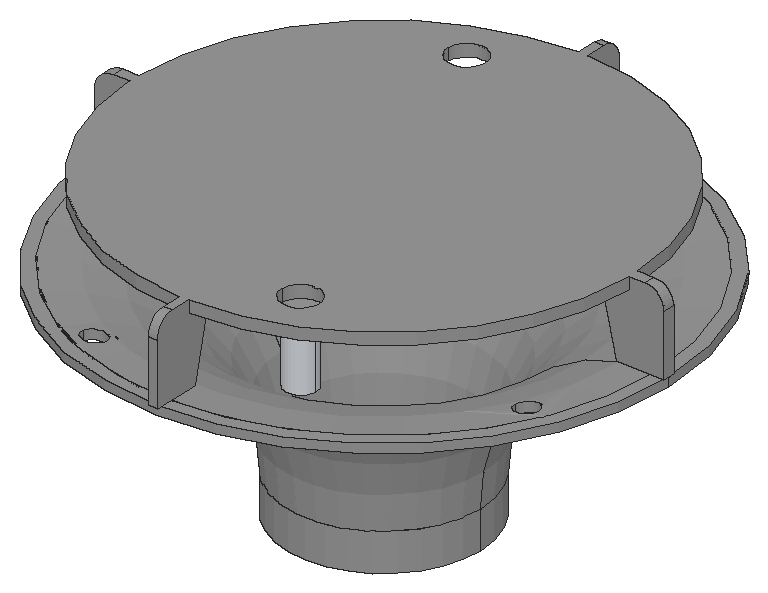
Revit family "MH-205-G", category Plumbing Fixtures, Revit 2015
Parameters (values of type "MH-305-G")
  r2 = (12.59843" - 11.14173") / 2  # 0.72835"
  od3 = 0.19497"
  od2 = od1 - 0.07874"  # 0.31496"
  od1 = 0.3937"
  linearW = 2.12598"
  linearL = 0.98425"
  id3 = od3 / 2  # 0.09748"
  id1 = od1 / 2  # 0.19685"
  ff2 = 3"
  V6 = no
  V5 = yes
  V4 = no
  V3 = no
  V2 = no
  V1 = no
  URL = "www.mifab.com"
  SC2 = SC1 / 1.5  # 0.11087"
  SC1 = 0.1663"
  RP2 = id1  # 0.19685"
  Model = "MH-305-G"
  Manufacturer = "MIFAB\r\n\r\nMIFAB\r\nMIFAB"
  II2 = HH2 / 1.25  # 0.2"
  II1 = HH2 / 1.5  # 0.16667"
  HH2 = 1/4"
  HH1 = 2 1/2"
  G2 = 5/32"
  G1 = EE / 1.25  # 2.99063"
  FF = 0"
  EE3 = 57/64"
  EE2 = 3.27"
  EE1 = 2 233/256"
  EE = 3 189/256"
  Description = "3\" HydroMax Siphonic Gutter Drain"
  Default Elevation = 48"
  Connector Dia = 2 1/2"
  C'1 = C' + 0.41339"  # 4.05512"
  C' = C / 2  # 3.64173"
  RP1 = od2 / 2  # 0.15748"
  R1 = 1.9685" / 9.375  # 0.20997"
  PIPE SIZE' = PIPE SIZE / 2  # 1.47638"
  PIPE SIZE = 2.95276"
  Material [instance] = Stainless Steel AISI 304
  D = 3.11024"
  C = 7.28346"
  B01 = B' - od1  # 5.49213"
  B' = B / 2  # 5.88583"
  B = 11.77165"
  A' = A / 2  # 6.49606"
  A = 12.99213"
Types (3): name | ff2 | Model | II2 | II1 | HH2 | HH1 | G2 | G1 | FF | EE3 | EE2 | EE1 | EE | Description | Connector Dia | D
  (no name) | 3" | "MH-305-G" | 0.2" | 0.16667" | 1/4" | 2 1/2" | 5/32" | 2.99063" | 0" | 57/64" | 3.27" | 2 233/256" | 3 189/256" | "3\" HydroMax Siphonic Gutter Drain" | 2 1/2" | 3.11024"
  MH-305-G | 3" | "MH-305-G" | 0.2" | 0.16667" | 1/4" | 2 1/2" | 5/32" | 2.99063" | 0" | 57/64" | 3.27" | 2 233/256" | 3 189/256" | "3\" HydroMax Siphonic Gutter Drain" | 2 1/2" | 3.11024"
  MH-205-G | 2" | "MH-205-G" | 0.1" | 0.08333" | 1/8" | 1 3/4" | 0.13276" | 1 61/64" | 85/256" | 0.87" | 2 23/64" | 2.21719" | 2 113/256" | "2\" HydroMax Siphonic Gutter Drain" | 0" | 3.22586"
Reference planes (in)
  plane 1 "Center (Front/Back)": y = 0
  plane 2: z = 0
  plane 3 "Center (Left/Right)": x = 0
  plane 4: x = -1.47638
  plane 5: z = -3.11024
  plane 6 "30.16": z = -1.1874
  plane 7: z = -1.50236
  plane 8: through (-3.9624, 1.85193, 47.24409) normal (0.4226, 0.9063, 0)
  plane 9: through (1.68821, 3.64509, 47.24409) normal (0.9063, -0.4226, 0)
  plane 10: through (0.00098, -0.00221, 47.24409) normal (0.342, -0.9397, 0)
  plane 11: through (0, 0, 47.24409) normal (0.9397, 0.342, 0)
  plane 12: x = 2.77344
  plane 13: x = -2.77344
Forms (in)
  Revolve 1, solid, material "Stainless Steel AISI 304" <- "Material", visible <- "V5"
    sketch origin (0, 0, 0) x (1, 0, 0) y (0, 0, 1)
      loop
        line (3.73828, -0.31727) -> (3.73828, -0.20008) -> (3.57031, -0.20008)
        arc (3.57031, -0.20008) -> (1.86331, -0.90714) -> (1.15625, -2.61414) r 2.41406
        line (1.15625, -2.61414) -> (1.15625, -3.11024) -> (1.27344, -3.11024) -> (1.27344, -2.61414)
        arc (1.27344, -2.61414) -> (1.94618, -0.99001) -> (3.57031, -0.31727) r 2.29687
        line (3.57031, -0.31727) -> (3.73828, -0.31727)
      axis (0, -0.20008) -> (0, -3.11024)
    angle from 0 to 360
  Extrusion 2, solid, material "Stainless Steel AISI 304" <- "Material", visible <- "V5"
    sketch origin (0, 0, 0) x (1, 0, 0) y (0, 1, 0)
      loop
        circle (0, 0) r 3.27
    from 0.69055 to 0.84604
  Extrusion 3, solid, material "Stainless Steel AISI 304" <- "Material", visible <- "V5"
    sketch origin (0, 0, 0) x (1, 0, 0) y (0, 0, 1)
      loop
        line (3.73828, -0.20008) -> (3.73828, 0.59604)
        arc (3.73828, 0.59604) -> (3.66506, 0.77282) -> (3.48828, 0.84604) r 0.25
        line (3.48828, 0.84604) -> (2.94989, 0.84604) -> (2.94989, 0.54806) -> (3.12262, -0.20008) -> (3.73828, -0.20008)
      loop
        line (-3.73828, -0.20008) -> (-3.12262, -0.20008) -> (-2.94989, 0.54806) -> (-2.94989, 0.84604) -> (-3.48828, 0.84604)
        arc (-3.48828, 0.84604) -> (-3.66506, 0.77282) -> (-3.73828, 0.59604) r 0.25
        line (-3.73828, 0.59604) -> (-3.73828, -0.20008)
    from -0.07562 to 0.07562
  Extrusion 4, solid, material "Stainless Steel AISI 304" <- "Material", visible <- "V5"
    sketch origin (0, 0, 0) x (0, 1, 0) y (0, 0, 1)
      loop
        line (3.78823, -0.19964) -> (3.78823, 0.59628)
        arc (3.78823, 0.59628) -> (3.71508, 0.77289) -> (3.53847, 0.84604) r 0.24976
        line (3.53847, 0.84604) -> (3, 0.84604) -> (3, 0.5485) -> (3.17272, -0.19964) -> (3.78823, -0.19964)
      loop
        line (-3.78839, -0.19964) -> (-3.17272, -0.19964) -> (-3, 0.5485) -> (-3, 0.84604) -> (-3.53839, 0.84604)
        arc (-3.53839, 0.84604) -> (-3.71516, 0.77282) -> (-3.78839, 0.59604) r 0.25
        line (-3.78839, 0.59604) -> (-3.78839, -0.19964)
    from -0.05878 to 0.05878
  Extrusion 5, void
    sketch origin (0, 0, 0) x (1, 0, 0) y (0, 1, 0)
      loop
        circle (-2.99063, 1.39878) r 0.15625
      loop
        circle (1.38303, 2.99063) r 0.15625
      loop
        circle (2.99063, -1.39032) r 0.15625
      loop
        circle (-1.40607, -2.99063) r 0.15625
    from -3.11024 to 2.02323
  Extrusion 6, void
    sketch origin (0, 0, 0) x (1, 0, 0) y (0, 1, 0)
      loop
        circle (-0.90993, 2.5) r 0.25
      loop
        circle (0.90993, -2.5) r 0.25
    from -3.11024 to 2.02323
  Extrusion 7, solid, visible <- "V5"
    sketch origin (0, 0, 0) x (1, 0, 0) y (0, 1, 0)
      loop
        circle (-0.90993, 2.5) r 0.2
      loop
        circle (-0.90993, 2.5) r 0.16667
      loop
        circle (0.90993, -2.5) r 0.16667
      loop
        circle (0.90993, -2.5) r 0.2
    from -0.20008 to 0.5485
  Extrusion 8, void
    sketch origin (0, 0, 0) x (1, 0, 0) y (0, 1, 0)
      loop
        line (0.04319, 0.94334) -> (0.04319, 2.12559)
        arc (0.04319, 2.12559) -> (-0.00414, 2.17291) -> (-0.05146, 2.12559) r 0.04733
        line (-0.05146, 2.12559) -> (-0.05146, 0.94334)
        arc (-0.05146, 0.94334) -> (-0.00414, 0.89602) -> (0.04319, 0.94334) r 0.04733
    from -0.03906 to 0
  Extrusion 9, void
    sketch origin (0, 0, 0) x (-1, 0, 0) y (0, -1, 0)
      loop
        line (0.04319, 0.94334) -> (0.04319, 2.12559)
        arc (0.04319, 2.12559) -> (-0.00414, 2.17291) -> (-0.05146, 2.12559) r 0.04733
        line (-0.05146, 2.12559) -> (-0.05146, 0.94334)
        arc (-0.05146, 0.94334) -> (-0.00414, 0.89602) -> (0.04319, 0.94334) r 0.04733
    from -0.03906 to 0
Cuts and joins
  Extrusion 6, Extrusion 9 cuts Extrusion 2
  Extrusion 9 cuts Extrusion 3
  Extrusion 9 cuts Extrusion 4
  joined: Extrusion 2, Extrusion 3, Extrusion 4
  Extrusion 5 cuts Revolve 1
Dimensions and locks (in)
  "D": level to plane 5
  locked: level to plane 6 "30.16" at 1.1874
  plane 6 "30.16" to plane 7 = 0.31496"
  "EE": Revolve 1 sketch curve to plane 3 "Center (Left/Right)"
  "EE1": Revolve 1 sketch curve to plane 5
  Revolve 1 sketch curve to Revolve 1 sketch curve = 15/128"
  Extrusion 2 to Revolve 1 = 57/64"
  locked: Extrusion 2 to Extrusion 2 at 0.1555  (x2)
  "EE3": Extrusion 2 to Revolve 1
  equal spacing: Extrusion 3, plane 1 "Center (Front/Back)", Extrusion 3
  Extrusion 3 sketch curve to Extrusion 2 = 0.32011"  (x2)
  Extrusion 3 sketch curve to Extrusion 3 sketch curve = 0.78839"  (x2)
  "FF": Extrusion 3 sketch curve to Revolve 1
  Extrusion 3 sketch curve to Extrusion 3 sketch curve = 0.61567"  (x2)
  "FF": Revolve 1 to Extrusion 3 sketch curve
  Extrusion 3 sketch curve to Extrusion 3 sketch curve = 0.29798"  (x2)
  Extrusion 4 sketch curve to Extrusion 4 sketch curve = 0.78839"
  Extrusion 4 sketch curve to Extrusion 4 sketch curve = 0.53839"
  Extrusion 4 sketch curve to Extrusion 4 sketch curve = 1.04568"  (x2)
  Extrusion 4 sketch curve to Extrusion 4 sketch curve = 0.78823"
  Extrusion 4 sketch curve to Extrusion 4 sketch curve = 0.53847"
  "ff2": plane 1 "Center (Front/Back)" to Extrusion 4 sketch curve
  "ff2": Extrusion 4 sketch curve to plane 1 "Center (Front/Back)"
  Extrusion 4 sketch curve to Extrusion 4 sketch curve = 0.61551"
  Extrusion 4 sketch curve to Extrusion 4 sketch curve = 0.61567"
  Extrusion 4 sketch curve to Extrusion 4 sketch curve = 0.29754"  (x2)
  equal spacing: Extrusion 4, plane 3 "Center (Left/Right)", Extrusion 4
  "G1": Extrusion 5 sketch curve to plane 3 "Center (Left/Right)"
  "G1": plane 1 "Center (Front/Back)" to Extrusion 5 sketch curve
  "G1": plane 3 "Center (Left/Right)" to Extrusion 5 sketch curve
  "G1": Extrusion 5 sketch curve to plane 1 "Center (Front/Back)"
  "HH1": plane 1 "Center (Front/Back)" to Extrusion 6 sketch curve
  "HH1": Extrusion 6 sketch curve to plane 1 "Center (Front/Back)"
  "HH1": plane 1 "Center (Front/Back)" to Extrusion 7 sketch curve
  "HH1": Extrusion 7 sketch curve to plane 1 "Center (Front/Back)"
  locked: cut or joined group of Extrusion 2, Extrusion 3, Extrusion 4, Extrusion 6, Extrusion 9 to Extrusion 7 at 0.14204
  cut or joined group of Revolve 1, Extrusion 5 to plane 5 = 2 203/256"
  "EE2": radius of Extrusion 2 sketch curve
  radius of Extrusion 3 sketch curve = 1/4"  (x2)
  "G2": radius of Extrusion 5 sketch curve  (x4)
  "HH2": radius of Extrusion 6 sketch curve  (x2)
  "II2": radius of Extrusion 7 sketch curve  (x2)
  "II1": radius of Extrusion 7 sketch curve  (x2)
  angle plane 9 to plane 3 "Center (Left/Right)" = 25.00°
  angle plane 8 to plane 9 = 90.00°
  locked: plane 8 to plane 3 "Center (Left/Right)" (angle 115.00°)
  angle plane 10 to plane 9 = 45.00°
  aligned and locked: Revolve 1 sketch curve to plane 3 "Center (Left/Right)"
  aligned and locked: plane 1 "Center (Front/Back)" to Extrusion 2 sketch curve
  aligned and locked: plane 3 "Center (Left/Right)" to Extrusion 2 sketch curve
  aligned and locked: Extrusion 3 sketch curve to Revolve 1
  aligned and locked: Extrusion 3 sketch curve to Extrusion 2
  aligned and locked: Extrusion 3 sketch curve to Extrusion 3 sketch curve
  aligned and locked: Revolve 1 to Extrusion 3 sketch curve
  aligned and locked: Extrusion 4 sketch curve to Extrusion 4 sketch curve
  aligned and locked: cut or joined group of Extrusion 2, Extrusion 3, Extrusion 4, Extrusion 6, Extrusion 9 to Extrusion 4 sketch curve
  aligned and locked: Extrusion 5 to plane 5
  aligned and locked: plane 9 to Extrusion 5 sketch curve  (x2)
  aligned and locked: plane 8 to Extrusion 5 sketch curve
  aligned and locked: plane 11 to Extrusion 6 sketch curve  (x2)
  aligned and locked: Extrusion 6 to plane 5
  aligned and locked: plane 11 to Extrusion 7 sketch curve  (x4)
  aligned and locked: Extrusion 7 to cut or joined group of Revolve 1, Extrusion 5
Automatic sketch dimensions
  Extrusion 8 sketch curve to Extrusion 8 sketch curve = 1.18224"
  Extrusion 8 sketch curve to Extrusion 8 sketch curve = 0.04733"
  Extrusion 9 sketch curve to Extrusion 9 sketch curve = 1.18224"
  Extrusion 9 sketch curve to Extrusion 9 sketch curve = 0.04733"
  Revolve 1 sketch curve to Revolve 1 sketch curve = 0"  (x2)
  Revolve 1 sketch curve to plane 5 = 0"
  plane 3 "Center (Left/Right)" to Revolve 1 sketch curve = 1 5/32"
  Revolve 1 sketch curve to Revolve 1 sketch curve = 43/256"
  Revolve 1 sketch curve to plane 7 = 0.77051"
  level to Revolve 1 sketch curve = 3.22713"
  Extrusion 5 sketch curve to plane 8 = 0"
  Extrusion 7 sketch curve to Extrusion 7 sketch curve = 0"  (x2)
Connectors (in)
  piping at (0, 0, -3.11024), diameter 2.5, driven by "Connector Dia"
    settings: on cut or joined group of Revolve 1, Extrusion 5, index 1, connector inside diameter 609.6 mm, connector length 0", flow factor 0, pipe flow 0.0 L/s, pressure drop 0.0 Pa, fitting loss kfactor 0, connector angle 0.00°, fixture units 0, engagement length 0", angle of deflection 0.00°, flow configuration 0, flow direction 0, fitting loss method 0, system type 7, joint type 0, gender type 0, connector reference index -1, connector utility 0, adjustable connector no, is connector primary yes, connector description ""
